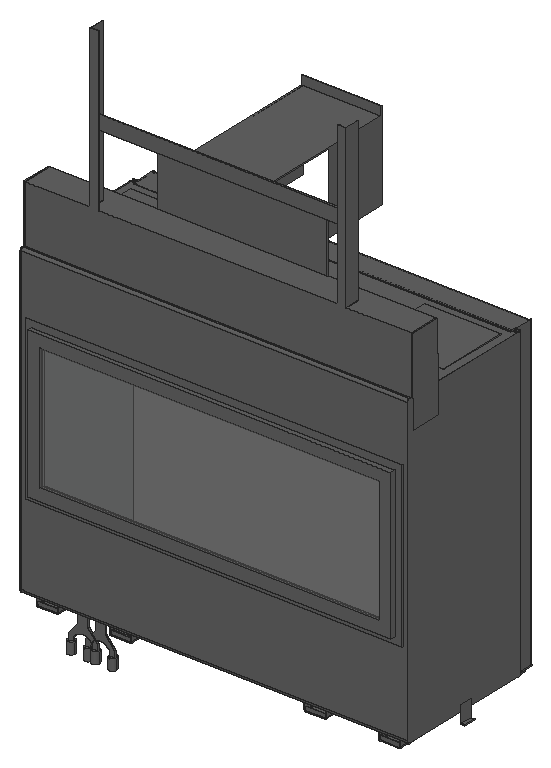
Revit family "Fireplaces_Gas_FireplaceX-Model-3615_3015GSR2_10305575", category Mechanical Equipment, Revit 2026
Family settings
  Round Connector Dimension = Use Diameter
  Part Type = Normal
  Classification Number = 23.75.00.00
  Work Plane-Based = Yes
  Always vertical = Yes
  Cut with Voids When Loaded = Yes
  Maintain Annotation Orientation = No
  Shared = No
  Room Calculation Point = No
Parameters
  Unit Width = 39 5/8"  # constant formula
  URL = "https://www.davincifireplace.com/"
  Type Comments = ""
  Specification = "https://www.arcat.com/company/davinci-custom-fireplaces-a-division-of-travis-industries-49714/spec"
  R = 2"
  Product Page URL = "https://www.arcat.com/arcatcos/cos49/arc49714.html"
  Pressure Ranges [instance] = "5.5 - 7wc for NG  ;  11 - 13wc for LP"  # constant formula
  Opening Height = 15 13/64"  # constant formula
  Keynote = "10 31 00"
  Electrical_Number of Poles = 1
  Model = ""
  Manufacturer = "DaVinci Custom Fireplaces , Travis Industries Division"  # constant formula
  Installation Phase = ""
  Inlet Volume [instance] = 0 CFM
  HVAC_Outlet Volume [instance] = 0 CFM
  HVAC_Exit Temperature [instance] = 0 °F
  HVAC_Exit Diameter [instance] = 0"
  HVAC_Entry Diameter [instance] = 0"
  HVAC_BTU Input = 70000.0 Btu/h
  Gas Connection Inlet Diameter = 3/4"
  Unit Height = 37 5/16"  # constant formula
  Green Building-LEED = ""
  Glass = Glass - DaVinci - Clear
  Fuel Type = "LP"
  Electrical_Voltage = 120 V
  Exhaust Dia = R * 2  # 4"
  Electrical_VA [instance] = Electrical_Voltage * Electrical_Amperage  # 840 VA
  Electrical_Amperage = 7 A
  Unit Depth = 16 25/32"  # constant formula
  Description = ""
  Default Elevation = 48"
  Cost = 0
  Copyright = "©2021 ARCAT, Inc"  # constant formula
  Construction Details = "https://www.arcat.com/company/davinci-custom-fireplaces-a-division-of-travis-industries-49714/cad"
  Building Codes = ""
  Assembly Code = ""
Reference planes (in)
  plane 1 "Center (Front/Back)": y = 0
  plane 2: z = 0
  plane 3 "Center (Left/Right)": x = 0
  plane 4: y = 16.78125
  plane 5: x = 19.8125
  plane 6: x = -19.8125
  plane 7: z = 9.436
  plane 8: z = 37.3125
  plane 9: z = 24.63912
  plane 10: z = 46.117
  plane 11: x = -13.0205
  plane 12: x = 13.0545
  plane 13: x = 18.5
  plane 14: x = -18.5
  plane 15: z = 53.693
  plane 16: y = 14.22766
  plane 17: y = 10.082
  plane 18: y = 2.5355
  plane 19: y = 4.16191
  plane 20: z = 31.4375
  plane 21: y = 0.5
  plane 22: x = -19.6875
  plane 23: x = 19.6875
  plane 24: z = 44.653
  plane 25: y = 0.9995
  plane 26: x = -4.02644
  plane 27: x = 4.02644
  plane 28: z = 36.5625
  plane 29: x = 19.18966
  plane 30: x = -19.1875
  plane 31: x = 8.62882
  plane 32: x = -8.62882
  plane 33: y = 8.39062
  plane 34: y = 13.42966
  plane 35: y = 6.207
  plane 36: x = 18.854
  plane 37: x = 11.104
  plane 38: x = -18.854
  plane 39: x = -11.104
  plane 40: z = 31.5
  plane 41: x = 19.74967
  plane 42: x = -19.74809
  plane 43: x = -13.73951
  plane 44: x = -11.97796
  plane 45: y = 0.04227
  plane 46: y = 0.2925
  plane 47: x = -3.96338
  plane 48: x = 3.96394
Forms (in)
  Sweep 1, solid, material "Media - DaVinci - as Specified"
    path origin (0, 0, 0) x (1, 0, 0) y (0, 0, 1)
      loop
        line (18.5, 24.63912) -> (-18.5, 24.63912) -> (-18.5, 9.436) -> (18.5, 9.436) -> (18.5, 24.63912)
    profile origin (0, 0, 24.63912) x (0, 0, -1) y (0, -1, 0)
      loop
        line (0.19877, -0.5) -> (0.19877, -0.41726) -> (1.20917, -0.41726) -> (1.20917, -0.29226) -> (0.95917, -0.29226) -> (0.95917, -0.04226) -> (1.20917, -0.04226) -> (1.20917, 0.08274) -> (0, 0.08274) -> (0, -0.4375) -> (-0.68446, -0.4375) -> (-0.68446, -0.5) -> (0.19877, -0.5)
  Extrusion 2, solid, material "Media - DaVinci - as Specified"
    sketch origin (0, 0, 0) x (0, 1, 0) y (0, 0, 1)
      loop
        arc (14.53666, 0) -> (14.71343, 0.07322) -> (14.78666, 0.25) r 0.25
        line (14.78666, 0.25) -> (14.78666, 31.1875)
        arc (14.78666, 31.1875) -> (14.71343, 31.36428) -> (14.53666, 31.4375) r 0.25
        line (14.53666, 31.4375) -> (1.062, 31.4375) -> (1.062, 37.25) -> (4.16191, 37.25) -> (4.16191, 37.3125) -> (0.9995, 37.3125) -> (0.9995, 31.4375) -> (0.75, 31.4375)
        arc (0.75, 31.4375) -> (0.57322, 31.36428) -> (0.5, 31.1875) r 0.25
        line (0.5, 31.1875) -> (0.5, 0.286)
        arc (0.5, 0.286) -> (0.58377, 0.08377) -> (0.786, 0) r 0.286
        line (0.786, 0) -> (14.53666, 0)
      loop
        arc (14.53666, 0.0625) -> (14.66924, 0.11742) -> (14.72416, 0.25) r 0.1875
        line (14.72416, 0.25) -> (14.72416, 31.1875)
        arc (14.72416, 31.1875) -> (14.66924, 31.32008) -> (14.53666, 31.375) r 0.1875
        line (14.53666, 31.375) -> (0.75, 31.375)
        arc (0.75, 31.375) -> (0.61742, 31.32008) -> (0.5625, 31.1875) r 0.1875
        line (0.5625, 31.1875) -> (0.5625, 0.286)
        arc (0.5625, 0.286) -> (0.62796, 0.12796) -> (0.786, 0.0625) r 0.2235
        line (0.786, 0.0625) -> (14.53666, 0.0625)
    from -19.6875 to 19.6875
  Extrusion 3, solid, material "Media - DaVinci - as Specified"
    sketch origin (0, 0, 0) x (0, 1, 0) y (0, 0, 1)
      loop
        line (14.22766, 31.4375) -> (16.67342, 31.4375)
        arc (16.67342, 31.4375) -> (16.70547, 31.42422) -> (16.71875, 31.39217) r 0.04533
        line (16.71875, 31.39217) -> (16.71875, 0.11667)
        arc (16.71875, 0.11667) -> (16.70288, 0.07837) -> (16.66458, 0.0625) r 0.05417
        line (16.66458, 0.0625) -> (14.22766, 0.0625) -> (14.22766, 0) -> (16.65625, 0)
        arc (16.65625, 0) -> (16.74464, 0.03661) -> (16.78125, 0.125) r 0.125
        line (16.78125, 0.125) -> (16.78125, 31.375)
        arc (16.78125, 31.375) -> (16.74464, 31.46339) -> (16.65625, 31.5) r 0.125
        line (16.65625, 31.5) -> (14.22766, 31.5) -> (14.22766, 31.4375)
    from -19.1875 to 19.18966
  Sweep 4, solid, material "Media - DaVinci - as Specified"
    path origin (-54.45701, -180, 46.117) x (-1, 0, 0) y (0, -1, 0)
      loop
        line (-50.43057, -180.9995) -> (-58.48345, -180.9995)
    profile origin (0, 0.9995, 46.117) x (0, 1, 0) y (0, 0, 1)
      loop
        line (0.0625, 0) -> (0.0625, -1.464) -> (15.78175, -1.464) -> (15.78175, -0.50995) -> (15.71925, -0.50995) -> (15.71925, -1.4015) -> (0.125, -1.4015) -> (0.125, 0) -> (0.0625, 0)
  Sweep 5, solid, material "Media - DaVinci - as Specified"
    path origin (-31.50399, 0.9995, 48) x (-1, 0, 0) y (0, 0, 1)
      loop
        line (-18.48349, 5.693) -> (-18.48349, -11.4375)
    profile origin (-13.0205, 0.9995, 45.12775) x (0, 1, 0) y (-1, 0, 0)
      loop
        line (0, 0) -> (0, -0.86281) -> (0.0625, -0.86281) -> (0.0625, -0.0625) -> (1.536, -0.0625) -> (1.536, 0) -> (0, 0)
  Extrusion 6, solid, material "Media - DaVinci - as Specified"
    sketch origin (0, 0, 0) x (0, 1, 0) y (0, 0, 1)
      loop
        line (2.5355, 44.7155) -> (1.1245, 44.7155) -> (1.1245, 46.117) -> (1.062, 46.117) -> (1.062, 44.653) -> (2.5355, 44.653) -> (2.5355, 44.7155)
    from -13.0205 to 13.0545
  Sweep 7, solid, material "Media - DaVinci - as Specified"
    path origin (-31.50399, 0.9995, 48) x (-1, 0, 0) y (0, 0, 1)
      loop
        line (-44.55849, 5.693) -> (-44.55849, -11.4375)
    profile origin (13.0545, 0.9995, 45.12775) x (0, 1, 0) y (-1, 0, 0)
      loop
        line (0.0625, 0.0625) -> (0.0625, 0.86281) -> (0, 0.86281) -> (0, 0) -> (1.536, 0) -> (1.536, 0.0625) -> (0.0625, 0.0625)
  Extrusion 8, solid, material "Media - DaVinci - as Specified"
    sketch origin (0, 0, 0) x (0, 1, 0) y (0, 0, 1)
      loop
        line (4.16191, 37.3125) -> (4.16191, 42.8125) -> (4.09941, 42.8125) -> (4.09941, 37.3125) -> (4.16191, 37.3125)
    from -8.62882 to 8.62882
  Revolve 9, solid, material "Media - DaVinci - as Specified"
    sketch origin (0, 0, 0) x (0, 1, 0) y (0, 0, 1)
      loop
        line (10.39063, 33.94518) -> (10.39063, 33.37503) -> (11.85229, 33.37503) -> (11.85229, 31.4375) -> (12.6968, 31.4375) -> (12.6968, 31.5625) -> (12.25489, 31.5625)
        arc (12.25489, 31.5625) -> (12.29529, 31.73335) -> (12.21505, 31.8895) r 0.25363
        line (12.21505, 31.8895) -> (12.21505, 32.4375) -> (12.10229, 32.4375) -> (12.10229, 33.62503) -> (10.74862, 33.62503) -> (10.74862, 33.65748) -> (10.89308, 33.90768) -> (10.82812, 33.94518) -> (10.39063, 33.94518)
      axis (8.39062, 33.94518) -> (8.39062, 31.4375)
    angle from 0 to 360
  Extrusion 10, solid, material "Media - DaVinci - as Specified"
    sketch origin (-54.45701, -180, 46.117) x (-1, 0, 0) y (0, -1, 0)
      loop
        line (-43.35301, -193.42966) -> (-35.60301, -193.42966) -> (-35.60301, -186.207) -> (-43.35301, -186.207) -> (-43.35301, -193.42966)
    from -14.6795 to -14.617
  Extrusion 11, solid, material "Media - DaVinci - as Specified"
    sketch origin (-54.45701, -180, 46.117) x (-1, 0, 0) y (0, -1, 0)
      loop
        line (-65.56101, -193.42966) -> (-65.56101, -186.207) -> (-73.31101, -186.207) -> (-73.31101, -193.42966) -> (-65.56101, -193.42966)
    from -14.6795 to -14.617
  Sweep 12, solid, material "Media - DaVinci - as Specified"
    path origin (-31.50399, 16.78125, 48) x (-1, 0, 0) y (0, 0, 1)
      loop
        line (-13.00399, -16.5) -> (-13.00399, -48)
    profile origin (-18.5, 16.78125, 15.75) x (0, 1, 0) y (-1, 0, 0)
      loop
        line (-1.99459, 1.1875) -> (-1.99459, 0.8125)
        arc (-1.99459, 0.8125) -> (-1.95798, 0.72411) -> (-1.86959, 0.6875) r 0.125
        line (-1.86959, 0.6875) -> (0, 0.6875)
        arc (0, 0.6875) -> (-0.01831, 0.73169) -> (-0.0625, 0.75) r 0.0625
        line (-0.0625, 0.75) -> (-1.86959, 0.75)
        arc (-1.86959, 0.75) -> (-1.91379, 0.76831) -> (-1.93209, 0.8125) r 0.0625
        line (-1.93209, 0.8125) -> (-1.93209, 1.1875) -> (-1.99459, 1.1875)
  Sweep 13, solid, material "Media - DaVinci - as Specified"
    path origin (-31.50399, 16.78125, 48) x (-1, 0, 0) y (0, 0, 1)
      loop
        line (-50.69365, -16.5) -> (-50.69365, -48)
    profile origin (19.18966, 16.78125, 15.75) x (0, 1, 0) y (-1, 0, 0)
      loop
        line (-1.99459, -0.49784) -> (-1.9321, -0.49784) -> (-1.9321, -0.12503)
        arc (-1.9321, -0.12503) -> (-1.91379, -0.08082) -> (-1.86959, -0.06251) r 0.06251
        line (-1.86959, -0.06251) -> (-0.06251, -0.06251)
        arc (-0.06251, -0.06251) -> (-0.01831, -0.0442) -> (0, 0) r 0.06251
        line (0, 0) -> (-1.86959, 0)
        arc (-1.86959, 0) -> (-1.95798, -0.03661) -> (-1.99459, -0.125) r 0.125
        line (-1.99459, -0.125) -> (-1.99459, -0.49784)
  Extrusion 14, solid, material "Media - DaVinci - as Specified"
    sketch origin (0, 0, 0) x (0, 1, 0) y (0, 0, 1)
      loop
        line (0.786, 0) -> (14.53666, 0)
        arc (14.53666, 0) -> (14.71343, 0.07322) -> (14.78666, 0.25) r 0.25
        line (14.78666, 0.25) -> (14.78666, 31.1875)
        arc (14.78666, 31.1875) -> (14.71343, 31.36428) -> (14.53666, 31.4375) r 0.25
        line (14.53666, 31.4375) -> (0.75, 31.4375)
        arc (0.75, 31.4375) -> (0.57322, 31.36428) -> (0.5, 31.1875) r 0.25
        line (0.5, 31.1875) -> (0.5, 0.286)
        arc (0.5, 0.286) -> (0.58377, 0.08377) -> (0.786, 0) r 0.286
    from -19.74809 to -19.6875
  Extrusion 15, solid, material "Media - DaVinci - as Specified"
    sketch origin (0, 0, 0) x (0, 1, 0) y (0, 0, 1)
      loop
        arc (0.5, 0.286) -> (0.58377, 0.08377) -> (0.786, 0) r 0.286
        line (0.786, 0) -> (14.53666, 0)
        arc (14.53666, 0) -> (14.71343, 0.07322) -> (14.78666, 0.25) r 0.25
        line (14.78666, 0.25) -> (14.78666, 31.1875)
        arc (14.78666, 31.1875) -> (14.71343, 31.36428) -> (14.53666, 31.4375) r 0.25
        line (14.53666, 31.4375) -> (0.75, 31.4375)
        arc (0.75, 31.4375) -> (0.57322, 31.36428) -> (0.5, 31.1875) r 0.25
        line (0.5, 31.1875) -> (0.5, 0.286)
    from 19.6875 to 19.74967
  Extrusion 16, solid, material "Media - DaVinci - as Specified"
    sketch origin (0, 0, 0) x (0, 1, 0) y (0, 0, 1)
      loop
        line (4.16191, 28.4815) -> (4.16191, 34.09009) -> (4.0355, 34.2165) -> (4.0355, 37.3125) -> (0.9995, 37.3125) -> (0.9995, 31.4375) -> (1.1135, 31.4375) -> (1.1135, 28.4815) -> (4.16191, 28.4815)
    from -19.8125 to -19.6875
  Extrusion 17, solid, material "Media - DaVinci - as Specified"
    sketch origin (0, 0, 0) x (0, 1, 0) y (0, 0, 1)
      loop
        line (4.16191, 28.4815) -> (4.16191, 34.09009) -> (4.0355, 34.2165) -> (4.0355, 37.3125) -> (0.9995, 37.3125) -> (0.9995, 31.4375) -> (1.1135, 31.4375) -> (1.1135, 28.4815) -> (4.16191, 28.4815)
    from 19.6875 to 19.8125
  Sweep 18, solid, material "Media - DaVinci - as Specified"
    path origin (-19.8125, 27.12844, 48) x (0, 1, 0) y (0, 0, 1)
      loop
        line (-18.73781, -48) -> (-19.96731, -48)
    profile origin (-19.8125, 7.77588, 0) x (0, 0, -1) y (1, 0, 0)
      loop
        line (-0.751, 0) -> (0.95162, 0) -> (0.95162, -0.43259) -> (1.02396, -0.43259) -> (1.02396, 0.06441) -> (-0.751, 0.06441) -> (-0.751, 0)
  Sweep 19, solid, material "Media - DaVinci - as Specified"
    path origin (19.8125, 27.12844, 48) x (0, 1, 0) y (0, 0, 1)
      loop
        line (-19.96731, -48) -> (-18.73781, -48)
    profile origin (19.8125, 7.77588, 0) x (0, 0, 1) y (1, 0, 0)
      loop
        line (0.751, 0.00158) -> (-0.95162, 0.00158) -> (-0.95162, 0.43417) -> (-1.02396, 0.43417) -> (-1.02396, -0.06283) -> (0.751, -0.06283) -> (0.751, 0.00158)
  Revolve 20, void
    sketch origin (0, 0, 0) x (0, 1, 0) y (0, 0, 1)
      loop
        line (10.39062, 27.95902) -> (11.85229, 27.95902) -> (11.85229, 31.5625) -> (8.39062, 31.5625) -> (8.39062, 24.63912) -> (10.39062, 24.63912) -> (10.39062, 27.95902)
      axis (8.39062, 31.5625) -> (8.39062, 24.63912)
    angle from 0 to 360
  Extrusion 21, solid, material "Glass - DaVinci - Clear" <- "Glass"
    sketch origin (-31.50399, 16.78125, 48) x (-1, 0, 0) y (0, 0, 1)
      loop
        line (-49.04482, -24.32005) -> (-49.04482, -37.60483) -> (-13.96316, -37.60483) -> (-13.96316, -24.32005) -> (-49.04482, -24.32005)
    from -16.48875 to -16.73898
  Extrusion 22, void
    sketch origin (0, 0, 0) x (1, 0, 0) y (0, 0, 1)
      loop
        line (-18.5, 24.63912) -> (-18.5, 9.436) -> (18.5, 9.436) -> (18.5, 24.63912) -> (-18.5, 24.63912)
    from -0.9995 to 0.34362
  Extrusion 23, void
    sketch origin (-31.50399, 16.78125, 48) x (1, 0, 0) y (0, 0, 1)
      loop
        line (11.69149, -48) -> (51.31649, -48) -> (51.31649, -10.6875) -> (44.55849, -10.6875) -> (44.55849, 5.693) -> (18.48349, 5.693) -> (18.48349, -10.6875) -> (11.69149, -10.6875) -> (11.69149, -48)
    from 0 to 16.28125
  Extrusion 24, void
    sketch origin (-31.50399, 16.78125, 48) x (1, 0, 0) y (0, 0, 1)
      loop
        line (50.00399, -23.36088) -> (13.00399, -23.36088) -> (13.00399, -38.564) -> (50.00399, -38.564) -> (50.00399, -23.36088)
    from 14.24575 to 17.34362
  Extrusion 25, solid, material "Media - DaVinci - as Specified"
    sketch origin (-19.8125, 27.12844, 48) x (0, 1, 0) y (0, 0, 1)
      loop
        line (-10.34719, -3.347) -> (-17.04644, -3.347) -> (-17.04644, -11.4375) -> (-10.34719, -11.4375) -> (-10.34719, -3.347)
    from 15.84912 to 15.78606
  Extrusion 26, solid, material "Media - DaVinci - as Specified"
    sketch origin (-19.8125, 27.12844, 48) x (0, 1, 0) y (0, 0, 1)
      loop
        line (-10.34719, -11.4375) -> (-10.34719, -3.347) -> (-17.04644, -3.347) -> (-17.04644, -11.4375) -> (-10.34719, -11.4375)
    from 23.83894 to 23.77644
  Extrusion 27, solid, material "Media - DaVinci - as Specified"
    sketch origin (-19.8125, 27.12844, 48) x (0, 1, 0) y (0, 0, 1)
      loop
        circle (-13.69878, -38.564) r 0.25
    from 0.06441 to -1.29767
  Extrusion 28, solid, material "Media - DaVinci - as Specified"
    sketch origin (-19.8125, 23.78078, 48) x (0, 1, 0) y (0, 0, 1)
      loop
        circle (-13.69878, -38.564) r 0.25
    from 0.06441 to -1.29767
Cuts and joins
  Revolve 20, Extrusion 22, Extrusion 24 cuts Extrusion 2
  Extrusion 24 cuts Sweep 4
  Extrusion 24 cuts Sweep 5
  Extrusion 24 cuts Extrusion 6
  Extrusion 24 cuts Sweep 7
  Extrusion 24 cuts Extrusion 8
  Extrusion 24 cuts Revolve 9
  joined: Extrusion 2, Sweep 4, Sweep 5, Extrusion 6, Sweep 7, Extrusion 8, Revolve 9, Extrusion 25, Extrusion 26
  Extrusion 24 cuts Extrusion 3
  Extrusion 24 cuts Sweep 12
  Extrusion 24 cuts Sweep 13
  joined: Extrusion 3, Sweep 12, Sweep 13
  Revolve 20 cuts Extrusion 14
Dimensions and locks (in)
  equal spacing: plane 6, plane 3 "Center (Left/Right)", plane 5
  "Unit Width": plane 6 to plane 5
  "Unit Height": plane 8 to plane 2
  plane 7 to level = 9.436"
  locked: plane 6 to plane 22 at 0.125
  locked: plane 23 to plane 5 at 0.125
  locked: plane 20 to Extrusion 3 sketch curve at 0.0625
  locked: plane 5 to plane 13 at 1.3125
  locked: plane 14 to plane 6 at 1.3125
  "Opening Height": plane 9 to plane 7
  equal spacing: plane 26, plane 3 "Center (Left/Right)", plane 27, locked at 4.02644 each
  locked: plane 26 to plane 27 at 8.05288
  locked: plane 28 to plane 8 at 0.75
  locked: plane 20 to plane 8 at 5.875
  locked: plane 29 to plane 5 at 0.62284
  locked: plane 6 to plane 30 at 0.625
  locked: plane 32 to plane 26 at 4.60239
  locked: plane 27 to plane 31 at 4.60239
  Revolve 9 sketch curve to Revolve 9 sketch curve to Revolve 9 sketch curve to Revolve 9 sketch curve to Revolve 9 sketch curve to Revolve 9 sketch curve to Revolve 9 sketch curve = 0.48175" locked, 0.11276" locked, 1.20922" locked, 0.06495" locked, 0.0795" locked, 0.358" locked
  "R": Revolve 9 sketch curve to plane 33
  locked: Revolve 9 sketch curve to Revolve 9 sketch curve at 0.25  (x2)
  equal spacing: plane 4, plane 33, plane 1 "Center (Front/Back)"
  locked: plane 37 to plane 36 at 7.75
  locked: plane 36 to plane 5 at 0.9585
  locked: plane 39 to plane 38 at 7.75
  locked: plane 6 to plane 38 at 0.9585
  plane 17 to plane 19 to plane 18 to plane 1 "Center (Front/Back)" = 5.92009" locked, 1.62641" locked, 2.5355" locked
  locked: plane 35 to plane 19 at 2.04509
  plane 4 to plane 16 to plane 34 = 2.55359" locked, 0.798" locked
  locked: plane 20 to plane 40 at 0.0625
  locked: plane 21 to Sweep 1 sketch curve at 0.0625
  locked: plane 5 to nested 4 at 2.3125
  locked: nested 1 to plane 22 at 2.3125
  equal spacing: plane 3 "Center (Left/Right)", nested 2, plane 6
  equal spacing: plane 5, nested 3, plane 3 "Center (Left/Right)"
  plane 6 to plane 22 = 1/8"
  locked: plane 41 to plane 5 at 0.06283
  locked: plane 6 to plane 42 at 0.06441
  locked: Revolve 20 sketch curve to Revolve 20 sketch curve at 1.46167
  "R": Revolve 20 sketch curve to Revolve 20 sketch curve
  locked: plane 9 to Revolve 20 sketch curve at 3.3199
  plane 6 to plane 43 to plane 44 = 6.07299" locked, 1.76155" locked
  locked: plane 33 to Sweep 19 sketch curve at 1.2295
  locked: plane 33 to Sweep 18 sketch curve at 1.2295
  locked: Extrusion 2 sketch curve to plane 8 at 0.0625
  locked: Extrusion 2 sketch curve to plane 25 at 0.0625
  "Unit Depth": plane 4 to plane 1 "Center (Front/Back)"
  plane 15 to plane 10 to plane 24 to plane 8 = 7.576", 1.464", 7.3405"
  locked: plane 24 to plane 10 at 1.464
  locked: plane 19 to Extrusion 8 sketch curve at 0.0625
  locked: plane 24 to Extrusion 8 sketch curve at 1.8405
  locked: plane 26 to plane 47 at 0.06306
  locked: plane 48 to plane 27 at 0.0625
  plane 1 "Center (Front/Back)" to plane 21 = 1/2"
  plane 46 to plane 45 to plane 1 "Center (Front/Back)" = 0.25023" locked, 0.04227" locked
  locked: plane 42 to Extrusion 28 at 1.36208
  aligned and locked: level to plane 2
  aligned and locked: Sweep 1 sketch curve to plane 9
  aligned and locked: plane 14 to Sweep 1 sketch curve
  aligned and locked: Sweep 1 sketch curve to plane 13
  aligned and locked: Sweep 1 sketch curve to plane 7
  aligned and locked: level to Extrusion 2 sketch curve
  aligned and locked: plane 21 to Extrusion 2 sketch curve
  aligned and locked: plane 20 to Extrusion 2 sketch curve
  aligned and locked: plane 23 to Extrusion 2
  aligned and locked: Extrusion 2 to plane 22
  aligned and locked: level to Extrusion 3 sketch curve
  aligned and locked: plane 4 to Extrusion 3 sketch curve
  aligned and locked: Extrusion 3 sketch curve to plane 16  (x2)
  aligned and locked: Extrusion 3 sketch curve to plane 20
  aligned and locked: plane 8 to Extrusion 2 sketch curve
  aligned and locked: Extrusion 2 sketch curve to plane 19
  aligned and locked: Sweep 4 sketch curve to plane 25
  aligned and locked: plane 27 to Sweep 4 sketch curve
  aligned and locked: plane 26 to Sweep 4 sketch curve
  aligned and locked: plane 24 to Sweep 4 sketch curve
  aligned and locked: plane 15 to Sweep 5 sketch curve
  aligned and locked: plane 28 to Sweep 5 sketch curve
  aligned and locked: plane 11 to Sweep 5 sketch curve
  aligned and locked: plane 18 to Sweep 5 sketch curve
  aligned and locked: Sweep 5 sketch curve to plane 11
  aligned and locked: Sweep 5 sketch curve to plane 25
  aligned and locked: Sweep 4 to Extrusion 6 sketch curve
  aligned and locked: plane 24 to Extrusion 6 sketch curve
  aligned and locked: plane 18 to Extrusion 6 sketch curve
  aligned and locked: plane 10 to Extrusion 6 sketch curve
  aligned and locked: plane 12 to Extrusion 6
  aligned and locked: Extrusion 6 to plane 11
  aligned and locked: Sweep 7 sketch curve to plane 12  (x2)
  aligned and locked: plane 15 to Sweep 7 sketch curve
  aligned and locked: plane 28 to Sweep 7 sketch curve
  aligned and locked: plane 25 to Sweep 7 sketch curve
  aligned and locked: Sweep 7 sketch curve to plane 18
  aligned and locked: plane 29 to Extrusion 3
  aligned and locked: plane 30 to Extrusion 3
  aligned and locked: Extrusion 8 sketch curve to plane 19
  aligned and locked: Extrusion 8 sketch curve to plane 8
  aligned and locked: plane 32 to Extrusion 8
  aligned and locked: plane 31 to Extrusion 8
  aligned and locked: plane 33 to Revolve 9 sketch curve
  aligned and locked: plane 39 to Extrusion 10 sketch curve
  aligned and locked: plane 38 to Extrusion 10 sketch curve
  aligned and locked: Extrusion 10 sketch curve to plane 34
  aligned and locked: Extrusion 10 sketch curve to plane 35
  aligned and locked: Extrusion 11 sketch curve to plane 37
  aligned and locked: Extrusion 11 sketch curve to plane 36
  aligned and locked: Extrusion 11 sketch curve to plane 34
  aligned and locked: Extrusion 11 sketch curve to plane 35
  aligned and locked: Extrusion 3 to plane 40
  aligned and locked: plane 20 to Extrusion 10
  aligned and locked: Extrusion 10 to plane 40
  aligned and locked: plane 20 to Extrusion 11
  aligned and locked: Extrusion 11 to plane 40
  aligned and locked: plane 21 to Sweep 1 sketch curve
  aligned and locked: plane 1 "Center (Front/Back)" to nested 1
  aligned and locked: plane 14 to Sweep 12 sketch curve
  aligned and locked: plane 40 to Sweep 12 sketch curve
  aligned and locked: level to Sweep 12 sketch curve
  aligned and locked: Sweep 12 sketch curve to plane 30
  aligned and locked: plane 22 to Sweep 12 sketch curve  (x2)
  aligned and locked: plane 4 to Sweep 12 sketch curve
  aligned and locked: level to Sweep 13 sketch curve
  aligned and locked: Sweep 13 sketch curve to plane 23
  aligned and locked: plane 29 to Sweep 13 sketch curve  (x2)
  aligned and locked: plane 4 to Sweep 13 sketch curve
  aligned and locked: plane 22 to Extrusion 14
  aligned and locked: Extrusion 14 to plane 42
  aligned and locked: Extrusion 14 sketch curve to cut or joined group 1 (Extrusion 2, Sweep 4, Sweep 5, Extrusion 6, Sweep 7, Extrusion 8, Revolve 9, Revolve 20, Extrusion 22, Extrusion 24, Extrusion 25, Extrusion 26)  (x4)
  aligned and locked: plane 40 to Sweep 13 sketch curve
  aligned and locked: Extrusion 15 sketch curve to cut or joined group 1  (x4)
  aligned and locked: Extrusion 15 to plane 23
  aligned and locked: plane 41 to Extrusion 15
  aligned and locked: plane 1 "Center (Front/Back)" to nested 4
  aligned and locked: plane 1 "Center (Front/Back)" to nested 3
  aligned and locked: plane 1 "Center (Front/Back)" to nested 2
  aligned and locked: plane 4 to Sweep 4 sketch curve
  aligned and locked: plane 19 to Extrusion 16 sketch curve
  aligned and locked: plane 19 to Extrusion 17 sketch curve
  aligned and locked: Extrusion 17 sketch curve to plane 20
  aligned and locked: Extrusion 17 sketch curve to plane 25
  aligned and locked: Extrusion 17 to plane 8
  aligned and locked: Extrusion 16 to plane 8
  aligned and locked: Extrusion 17 to plane 23
  aligned and locked: plane 22 to Extrusion 16
  aligned and locked: Extrusion 16 to plane 6
  aligned and locked: plane 5 to Extrusion 17
  aligned and locked: plane 43 to nested 5
  aligned and locked: plane 44 to nested 6
  aligned and locked: nested 5 to plane 25
  aligned and locked: nested 6 to plane 25
  aligned and locked: level to Sweep 18 sketch curve
  aligned and locked: plane 33 to Sweep 18 sketch curve
  aligned and locked: Sweep 18 sketch curve to plane 6
  aligned and locked: plane 33 to Sweep 19 sketch curve
  aligned and locked: Sweep 19 sketch curve to level
  aligned and locked: Revolve 20 sketch curve to Revolve 20 sketch curve
  aligned and locked: Revolve 20 sketch curve to plane 33
  aligned and locked: Revolve 20 sketch curve to plane 9
  aligned and locked: Extrusion 21 sketch curve to Sweep 1  (x4)
  aligned and locked: plane 46 to Extrusion 21
  aligned and locked: Extrusion 21 to plane 45
  aligned and locked: plane 9 to Extrusion 22 sketch curve
  aligned and locked: plane 7 to Extrusion 22 sketch curve
  aligned and locked: plane 13 to Extrusion 22 sketch curve
  aligned and locked: Extrusion 22 sketch curve to plane 14
  aligned and locked: plane 25 to Extrusion 22
  aligned and locked: Extrusion 23 sketch curve to level
  aligned and locked: Extrusion 23 sketch curve to plane 6
  aligned and locked: Extrusion 23 sketch curve to plane 5
  aligned and locked: Extrusion 23 sketch curve to plane 11
  aligned and locked: Extrusion 23 sketch curve to plane 15
  aligned and locked: Extrusion 23 sketch curve to plane 12
  aligned and locked: Extrusion 23 sketch curve to plane 8
  aligned and locked: plane 4 to Extrusion 23
  aligned and locked: Extrusion 23 to Sweep 1
  aligned and locked: Extrusion 24 sketch curve to plane 9
  aligned and locked: plane 14 to Extrusion 24 sketch curve
  aligned and locked: Extrusion 24 sketch curve to plane 13
  aligned and locked: Extrusion 24 sketch curve to plane 7
  aligned and locked: plane 18 to Extrusion 24
  aligned and locked: Extrusion 25 sketch curve to cut or joined group 1  (x2)
  aligned and locked: plane 28 to Extrusion 25 sketch curve
  aligned and locked: Extrusion 25 sketch curve to plane 17
  aligned and locked: plane 47 to Extrusion 25
  aligned and locked: Extrusion 25 to plane 26
  aligned and locked: plane 4 to Extrusion 26 sketch curve
  aligned and locked: plane 17 to Extrusion 26 sketch curve
  aligned and locked: plane 24 to Extrusion 26 sketch curve
  aligned and locked: plane 28 to Extrusion 26 sketch curve
  aligned and locked: plane 27 to Extrusion 26
  aligned and locked: Extrusion 26 to plane 48
  aligned and locked: plane 7 to Extrusion 27 sketch curve
  aligned and locked: plane 34 to Extrusion 27 sketch curve
  aligned and locked: plane 17 to Extrusion 28 sketch curve
  aligned and locked: plane 7 to Extrusion 28 sketch curve
  aligned and locked: Extrusion 27 to Extrusion 28
  aligned and locked: plane 42 to Extrusion 27
  aligned and locked: plane 42 to Extrusion 28
Automatic sketch dimensions
  Sweep 1 sketch curve to profile plane = 0"
  profile plane to Sweep 1 sketch curve = 0.68446"
  Sweep 1 sketch curve to profile plane = 0.19877"
  Sweep 1 sketch curve to plane 1 "Center (Front/Back)" = 0.29226"
  Sweep 1 sketch curve to Sweep 1 sketch curve = 0.7604"
  Sweep 1 sketch curve to plane 1 "Center (Front/Back)" = 0.04226"
  Sweep 1 sketch curve to Sweep 1 sketch curve = 1/4"  (x2)
  Sweep 1 sketch curve to Sweep 1 sketch curve = 0.08274"
  plane 1 "Center (Front/Back)" to Sweep 1 sketch curve = 0.08274"
  Extrusion 2 sketch curve to Extrusion 2 sketch curve = 0"  (x8)
  Extrusion 2 sketch curve to plane 25 = 0"
  Extrusion 2 sketch curve to Extrusion 2 sketch curve = 1/16"
  Extrusion 2 sketch curve to Extrusion 2 sketch curve = 3/16"
  Extrusion 2 sketch curve to plane 25 = 0.2135"
  plane 16 to Extrusion 2 sketch curve = 0.309"  (x2)
  plane 20 to Extrusion 2 sketch curve = 1/4"
  Extrusion 3 sketch curve to plane 4 = 1/8"  (x2)
  Extrusion 3 sketch curve to Extrusion 3 sketch curve = 0.00833"
  Extrusion 3 sketch curve to Extrusion 3 sketch curve = 0.01717"
  plane 20 to Extrusion 3 sketch curve = 0.04533"
  level to Extrusion 3 sketch curve = 1/16"
  Sweep 4 sketch curve to plane 10 = 0"
  Sweep 4 sketch curve to Sweep 4 sketch curve = 1/16"  (x2)
  Sweep 4 sketch curve to profile plane = 1/8"
  Sweep 4 sketch curve to profile plane = 1/16"
  Sweep 4 sketch curve to plane 10 = 0.50995"
  plane 25 to Sweep 5 sketch curve = 1/16"
  profile plane to Sweep 5 sketch curve = 1/16"
  Sweep 5 sketch curve to Sweep 5 sketch curve = 0.80031"
  plane 25 to Extrusion 6 sketch curve = 1/8"
  plane 25 to Extrusion 6 sketch curve = 1/16"
  Sweep 7 sketch curve to Sweep 7 sketch curve = 1/16"
  Sweep 7 sketch curve to profile plane = 1/16"
  Sweep 7 sketch curve to Sweep 7 sketch curve = 0.80031"
  Sweep 12 sketch curve to Sweep 12 sketch curve = 0"  (x2)
  Sweep 12 sketch curve to plane 4 = 1/16"
  Sweep 12 sketch curve to profile plane = 13/16"
  Sweep 12 sketch curve to Sweep 12 sketch curve = 1.80709"
  Sweep 13 sketch curve to Sweep 13 sketch curve = 1/16"  (x3)
  Sweep 13 sketch curve to Sweep 13 sketch curve = 1.80707"
  Sweep 13 sketch curve to Sweep 13 sketch curve = 0"
  plane 20 to Extrusion 16 sketch curve = 0"
  Extrusion 16 sketch curve to plane 25 = 0"
  plane 8 to Extrusion 16 sketch curve = 0"
  plane 25 to Extrusion 16 sketch curve = 0.114"
  Extrusion 16 sketch curve to plane 19 = 0.12641"
  plane 20 to Extrusion 16 sketch curve = 2.956"
  plane 28 to Extrusion 16 sketch curve = 2.47241"
  Extrusion 16 sketch curve to Extrusion 16 sketch curve = 0.12641"
  plane 8 to Extrusion 17 sketch curve = 0"
  plane 25 to Extrusion 17 sketch curve = 0.114"
  Extrusion 17 sketch curve to plane 19 = 0.12641"
  plane 20 to Extrusion 17 sketch curve = 2.956"
  plane 28 to Extrusion 17 sketch curve = 2.47241"
  Extrusion 17 sketch curve to Extrusion 17 sketch curve = 0.12641"
  profile plane to Sweep 18 sketch curve = 0.751"
  Sweep 18 sketch curve to profile plane = 0.95162"
  Sweep 18 sketch curve to Sweep 18 sketch curve = 0.07234"
  Sweep 18 sketch curve to plane 6 = 0.43259"
  plane 6 to Sweep 18 sketch curve = 0.06441"
  Sweep 19 sketch curve to plane 5 = 0.06283"
  profile plane to Sweep 19 sketch curve = 1.02396"
  plane 5 to Sweep 19 sketch curve = 0.00158"
  Sweep 19 sketch curve to Sweep 19 sketch curve = 0.07234"
  Sweep 19 sketch curve to profile plane = 0.751"
  plane 5 to Sweep 19 sketch curve = 0.43417"
  Extrusion 23 sketch curve to plane 8 = 0"
  plane 20 to Revolve 9 sketch curve = 0"
  Revolve 9 sketch curve to Revolve 9 sketch curve = 0.17153"
  Revolve 9 sketch curve to plane 40 = 1/16"
  Revolve 9 sketch curve to Revolve 9 sketch curve = 0.21137"
  Revolve 9 sketch curve to plane 40 = 0.20267"
  Revolve 9 sketch curve to Revolve 9 sketch curve = 0.548"
  Revolve 9 sketch curve to plane 40 = 1.87503"
  Revolve 9 sketch curve to Revolve 9 sketch curve = 0.03245"
  Revolve 9 sketch curve to Revolve 9 sketch curve = 0.2502"
  Revolve 9 sketch curve to level = 21.49232"
  Revolve 9 sketch curve to plane 15 = 41.5674"
  Revolve 20 sketch curve to plane 40 = 1/16"
  Revolve 20 sketch curve to level = 21.49232"
  Revolve 20 sketch curve to plane 15 = 41.5674"
  radius of Extrusion 27 sketch curve = 1/4"
  radius of Extrusion 28 sketch curve = 1/4"
Nested families (in)
  nested 1: "Support Frame" at (-17.375, 1, 0) x (-1, 0, 0) z (0, 0, -1), type "Support Frame"
    with Depth 16 25/32"
  nested 2: "Support Frame" at (-9.90625, 1, 0) x (-1, 0, 0) z (0, 0, -1), type "Support Frame"
    with Depth 16 25/32"
  nested 3: "Support Frame" at (9.90625, 1, 0) x (-1, 0, 0) z (0, 0, -1), type "Support Frame"
    with Depth 16 25/32"
  nested 4: "Support Frame" at (17.5, 1, 0) x (-1, 0, 0) z (0, 0, -1), type "Support Frame"
    with Depth 16 25/32"
  nested 5: "Intakes" at (-13.73951, 0.9995, 0) x (-1, 0, 0) z (0, 0, -1), type "Intakes"
  nested 6: "Intakes" at (-11.97796, 0.9995, 0) x (-1, 0, 0) z (0, 0, -1), type "Intakes"
Connectors (in)
  hvac at (0, 8.39062, 33.94518), driven by "Exhaust Dia"
    settings: on Revolve 9, index 1, duct flow 0 CFM, flow factor 0, pres drop 0.00 in-wg, loss coef 0, conn angle 0.00°, conn width 12", conn height 12", conn diameter 4", duct sys type 3, conn prof type 0, flow config 0, flow direction 2, loss method 0, conn ref index -1, conn util no, is conn primary yes, conn desc ""
  piping at (-10.72796, 1.03075, -4.00534), diameter 0.75, driven by "Gas Connection Inlet Diameter"
    settings: on nested 6, index 2, connector inside diameter 24", connector length 0", flow factor 0, pipe flow 0 GPM, pressure drop 0.00 psi, fitting loss kfactor 0, connector angle 0.00°, fixture units 0, engagement length 0", angle of deflection 0.00°, flow configuration 0, flow direction 1, fitting loss method 0, system type 29, joint type 0, gender type 0, connector reference index -1, connector utility 0, adjustable connector no, is connector primary yes, connector description ""
  piping at (-12.48951, 1.03075, -4.00534), diameter 0.75, driven by "Gas Connection Inlet Diameter"
    settings: on nested 5, index 3, connector inside diameter 24", connector length 0", flow factor 0, pipe flow 0 GPM, pressure drop 0.00 psi, fitting loss kfactor 0, connector angle 0.00°, fixture units 0, engagement length 0", angle of deflection 0.00°, flow configuration 0, flow direction 1, fitting loss method 0, system type 29, joint type 0, gender type 0, connector reference index -1, connector utility 0, adjustable connector no, is connector primary no, connector description ""
  piping at (-13.22796, 1.03075, -4.00534), diameter 0.75, driven by "Gas Connection Inlet Diameter"
    settings: on nested 6, index 4, connector inside diameter 24", connector length 0", flow factor 0, pipe flow 0 GPM, pressure drop 0.00 psi, fitting loss kfactor 0, connector angle 0.00°, fixture units 0, engagement length 0", angle of deflection 0.00°, flow configuration 0, flow direction 1, fitting loss method 0, system type 29, joint type 0, gender type 0, connector reference index -1, connector utility 0, adjustable connector no, is connector primary no, connector description ""
  piping at (-14.98951, 1.03075, -4.00534), diameter 0.75, driven by "Gas Connection Inlet Diameter"
    settings: on nested 5, index 5, connector inside diameter 24", connector length 0", flow factor 0, pipe flow 0 GPM, pressure drop 0.00 psi, fitting loss kfactor 0, connector angle 0.00°, fixture units 0, engagement length 0", angle of deflection 0.00°, flow configuration 0, flow direction 1, fitting loss method 0, system type 29, joint type 0, gender type 0, connector reference index -1, connector utility 0, adjustable connector no, is connector primary no, connector description ""
  electrical at (-21.11017, 13.42966, 9.436), driven by "Electrical_Number of Poles", driven by "Electrical_Voltage", driven by "HVAC_BTU Input", driven by "Cost"
    settings: on Extrusion 27, index 6, voltage 120 V, apparent load 20515 VA, apparent load phase1 0 VA, apparent load phase2 0 VA, apparent load phase3 0 VA, power factor 0, load classification "Other", number of poles 1, system type 30, power factor state 1, is connector primary yes, connector utility no, sub classification motor no, connector description ""
  electrical at (-21.11017, 10.082, 9.436), driven by "Electrical_Number of Poles", driven by "Electrical_Voltage", driven by "HVAC_BTU Input", driven by "Cost"
    settings: on Extrusion 28, index 7, voltage 120 V, apparent load 20515 VA, apparent load phase1 0 VA, apparent load phase2 0 VA, apparent load phase3 0 VA, power factor 0, load classification "Other", number of poles 1, system type 30, power factor state 1, is connector primary no, connector utility no, sub classification motor no, connector description ""
Definition of nested family "Support Frame"
  Parameters (values of type "Support Frame")
    Frame = none
    Depth = 17"
    Default Elevation = 48"
  Reference planes (in)
    plane 1 "Center (Front/Back)": y = 0
    plane 2: z = 0
    plane 3 "Center (Left/Right)": x = 0
    plane 4: y = 16
    plane 5: y = 15.9375
    plane 6: y = 0.0625
    plane 7: y = -1
    plane 8: x = 0
  Forms (in)
    Extrusion 1, solid
      sketch origin (0, 0, 0) x (1, 0, 0) y (0, 1, 0)
        loop
          line (-48, 48) -> (-48, -48) -> (48, -48) -> (48, 48) -> (-48, 48)
      from 0 to -12
    Sweep 2, solid, material <- "Frame"
      path origin (19.5, -9.15405, 0) x (1, 0, 0) y (0, 1, 0)
        loop
          line (-19.5, 25.15405) -> (-19.5, 9.15405)
      profile origin (0, 8, 0) x (1, 0, 0) y (0, 0, 1)
        loop
          line (-1.785, 0) -> (-1.215, 0.00025)
          arc (-1.215, 0.00025) -> (-1.09833, 0.04858) -> (-1.05, 0.16525) r 0.165
          line (-1.05, 0.16525) -> (-1.05, 0.835)
          arc (-1.05, 0.835) -> (-1.02364, 0.89864) -> (-0.96, 0.925) r 0.09
          line (-0.96, 0.925) -> (0.96, 0.925)
          arc (0.96, 0.925) -> (1.02368, 0.8986) -> (1.05, 0.8349) r 0.09
          line (1.05, 0.8349) -> (1.05, 0.165)
          arc (1.05, 0.165) -> (1.09833, 0.04833) -> (1.215, 0) r 0.165
          line (1.215, 0) -> (1.785, 0) -> (1.785, 0.07498) -> (1.21506, 0.07498)
          arc (1.21506, 0.07498) -> (1.15126, 0.10149) -> (1.12503, 0.16541) r 0.09003
          line (1.12503, 0.16541) -> (1.12503, 0.83499)
          arc (1.12503, 0.83499) -> (1.0767, 0.95168) -> (0.96002, 1.00001) r 0.16501
          line (0.96002, 1.00001) -> (-0.96, 1.00001)
          arc (-0.96, 1.00001) -> (-1.07684, 0.95152) -> (-1.125, 0.83454) r 0.165
          line (-1.125, 0.83454) -> (-1.125, 0.165)
          arc (-1.125, 0.165) -> (-1.15142, 0.1013) -> (-1.21518, 0.075) r 0.09
          line (-1.21518, 0.075) -> (-1.785, 0.075) -> (-1.785, 0)
    Extrusion 3, solid, material <- "Frame"
      sketch origin (-10.03524, -8.15455, 48) x (-1, 0, 0) y (0, 0, 1)
        loop
          line (-8.98524, -47.5) -> (-8.98524, -47.165)
          arc (-8.98524, -47.165) -> (-9.0116, -47.10136) -> (-9.07524, -47.075) r 0.09
          line (-9.07524, -47.075) -> (-10.99524, -47.075)
          arc (-10.99524, -47.075) -> (-11.05892, -47.1014) -> (-11.08524, -47.1651) r 0.09
          line (-11.08524, -47.1651) -> (-11.08524, -47.5) -> (-8.98524, -47.5)
      from 8.15455 to 8.21705
    Extrusion 4, solid, material <- "Frame"
      sketch origin (-10.03524, 7.15505, 48) x (-1, 0, 0) y (0, 0, -1)
        loop
          line (-8.98524, 47.5) -> (-11.08524, 47.5) -> (-11.08524, 47.1651)
          arc (-11.08524, 47.1651) -> (-11.05892, 47.1014) -> (-10.99524, 47.075) r 0.09
          line (-10.99524, 47.075) -> (-9.07524, 47.075)
          arc (-9.07524, 47.075) -> (-9.0116, 47.10136) -> (-8.98524, 47.165) r 0.09
          line (-8.98524, 47.165) -> (-8.98524, 47.5)
      from -8.84495 to -8.78245
  Dimensions and locks (in)
    locked: plane 7 to plane 1 "Center (Front/Back)" at 1
    "Depth": plane 7 to plane 4
    locked: plane 5 to plane 4 at 0.0625
    locked: plane 1 "Center (Front/Back)" to plane 6 at 0.0625
    aligned and locked: plane 2 to Extrusion 1
    aligned and locked: level to Extrusion 1
    aligned and locked: plane 4 to Sweep 2 sketch curve
    aligned and locked: plane 1 "Center (Front/Back)" to Sweep 2 sketch curve
    aligned and locked: Sweep 2 sketch curve to plane 3 "Center (Left/Right)"
    aligned and locked: Extrusion 3 to plane 6
    aligned and locked: plane 1 "Center (Front/Back)" to Extrusion 3
    aligned and locked: Extrusion 4 to plane 4
    aligned and locked: plane 5 to Extrusion 4
    aligned and locked: Extrusion 3 to Sweep 2
    aligned and locked: Extrusion 3 sketch curve to Sweep 2  (x3)
    aligned and locked: Sweep 2 to Extrusion 3 sketch curve
    aligned and locked: Extrusion 4 to Sweep 2
    aligned and locked: Extrusion 3 to Extrusion 4
    aligned and locked: Extrusion 4 sketch curve to Extrusion 3  (x3)
    aligned and locked: Extrusion 4 sketch curve to Sweep 2
    aligned and locked: plane 3 "Center (Left/Right)" to plane 8
  Automatic sketch dimensions
    Extrusion 1 sketch curve to Extrusion 1 sketch curve = 96"  (x2)
    Sweep 2 sketch curve to profile plane = 0"  (x2)
    profile plane to Sweep 2 sketch curve = 1.785"
    profile plane to Sweep 2 sketch curve = 0.075"
    Sweep 2 sketch curve to Sweep 2 sketch curve = 0.56982"
    Sweep 2 sketch curve to Sweep 2 sketch curve = 0.00018"
    Sweep 2 sketch curve to Sweep 2 sketch curve = 0"  (x11)
    Sweep 2 sketch curve to Sweep 2 sketch curve = 0.09"  (x2)
    Sweep 2 sketch curve to Sweep 2 sketch curve = 0.075"
    Sweep 2 sketch curve to profile plane = 0.96"
    Sweep 2 sketch curve to Sweep 2 sketch curve = 0.08998"
    Sweep 2 sketch curve to Sweep 2 sketch curve = 0.07503"
    Sweep 2 sketch curve to Sweep 2 sketch curve = 0.08997"
    Sweep 2 sketch curve to Sweep 2 sketch curve = 0.00006"
    Sweep 2 sketch curve to Sweep 2 sketch curve = 0.57"
    profile plane to Sweep 2 sketch curve = 0.07498"
    Sweep 2 sketch curve to Sweep 2 sketch curve = 0.09002"
    Sweep 2 sketch curve to Sweep 2 sketch curve = 0.00025"
    Sweep 2 sketch curve to Sweep 2 sketch curve = 0.66954"
    Sweep 2 sketch curve to Sweep 2 sketch curve = 0.6699"
    Sweep 2 sketch curve to Sweep 2 sketch curve = 0.0001"
    Extrusion 3 sketch curve to Extrusion 3 sketch curve = 0.335"
    Extrusion 3 sketch curve to Extrusion 3 sketch curve = 0"  (x2)
    Extrusion 4 sketch curve to Extrusion 4 sketch curve = 0.3349"
    Extrusion 4 sketch curve to Extrusion 4 sketch curve = 0"  (x2)
Definition of nested family "Intakes"
  Parameters (values of type "Intakes")
    Frame = none
    Depth = 17"
    Default Elevation = 48"
    D2 = 3/4"
    D1 = 3/4"
  Reference planes (in)
    plane 1 "Center (Front/Back)": y = 0
    plane 2: z = 0
    plane 3 "Center (Left/Right)": x = 0
    plane 4: y = 0.0625
    plane 5: x = 0
    plane 6: x = -1.25
    plane 7: x = 1.25
    plane 8: y = 0.03125
    plane 9: z = 4.00534
    plane 10: z = 2.90037
  Forms (in)
    Extrusion 1, solid
      sketch origin (0, 0, 0) x (1, 0, 0) y (0, 1, 0)
        loop
          line (-48, 48) -> (-48, -48) -> (48, -48) -> (48, 48) -> (-48, 48)
      from 0 to -12
    Extrusion 2, solid, material <- "Frame"
      sketch origin (0, 0, 0) x (1, 0, 0) y (0, 0, 1)
        loop
          line (-0.5, 0) -> (0.5, 0) -> (0.5, 1.125) -> (1.5, 2.27537) -> (1.5, 2.90037) -> (1, 2.90037)
          arc (1, 2.90037) -> (0, 1.90037) -> (-1, 2.90037) r 1
          line (-1, 2.90037) -> (-1.5, 2.90037) -> (-1.5, 2.27537) -> (-0.5, 1.125) -> (-0.5, 0)
      from 0 to -0.0625
    Extrusion 3, solid, material <- "Frame"
      sketch origin (-1.375, 0, 2.90037) x (1, 0, 0) y (0, 1, 0)
        loop
          circle (0.125, 0.03125) r 0.375
      from 0 to 1.10497
    Extrusion 4, solid, material <- "Frame"
      sketch origin (-1.375, 0, 2.90037) x (1, 0, 0) y (0, 1, 0)
        loop
          circle (2.625, 0.03125) r 0.375
      from 0 to 1.10497
  Dimensions and locks (in)
    plane 1 "Center (Front/Back)" to plane 4 = 1/16"
    equal spacing: plane 1 "Center (Front/Back)", plane 8, plane 4
    locked: plane 10 to Extrusion 1 at 2.90037
    locked: plane 9 to plane 10 at 1.10497
    plane 4 to plane 1 "Center (Front/Back)" = 1/16"
    "D1": diameter of Extrusion 3 sketch curve
    "D2": diameter of Extrusion 4 sketch curve
    aligned and locked: plane 2 to Extrusion 1
    aligned and locked: level to Extrusion 1
    aligned and locked: plane 3 "Center (Left/Right)" to plane 5
    aligned and locked: Extrusion 2 to plane 4
    aligned and locked: plane 8 to Extrusion 3 sketch curve
    aligned and locked: plane 6 to Extrusion 3 sketch curve
    aligned and locked: plane 8 to Extrusion 4 sketch curve
    aligned and locked: plane 7 to Extrusion 4 sketch curve
    aligned and locked: Extrusion 2 to plane 10
    aligned and locked: plane 10 to Extrusion 3
    aligned and locked: plane 10 to Extrusion 4
    aligned and locked: Extrusion 3 to plane 9
    aligned and locked: Extrusion 4 to plane 9
  Automatic sketch dimensions
    Extrusion 1 sketch curve to Extrusion 1 sketch curve = 96"  (x2)
    Extrusion 2 sketch curve to level = 0"
    Extrusion 2 sketch curve to plane 3 "Center (Left/Right)" = 0"
    Extrusion 2 sketch curve to plane 3 "Center (Left/Right)" = 1/2"
    plane 6 to Extrusion 2 sketch curve = 1/4"
    Extrusion 2 sketch curve to plane 6 = 1/4"
    plane 3 "Center (Left/Right)" to Extrusion 2 sketch curve = 1/2"
    plane 7 to Extrusion 2 sketch curve = 1/4"
    Extrusion 2 sketch curve to Extrusion 2 sketch curve = 1 1/8"
    Extrusion 2 sketch curve to Extrusion 2 sketch curve = 0"
    Extrusion 2 sketch curve to Extrusion 2 sketch curve = 1.15037"  (x2)
    Extrusion 2 sketch curve to Extrusion 2 sketch curve = 5/8"
